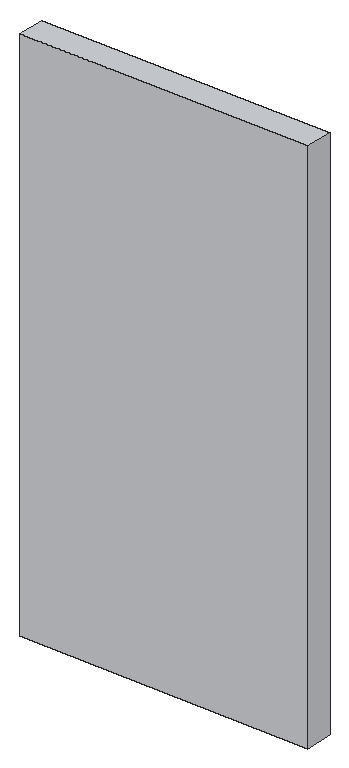
Revit family "Lighting_Fixture-Wall-Astro-Sparta", category Lighting Fixtures, host Face, Revit 2014
Parameters (values of type "7162 Sparta 600")
  Width = 600.00 mm
  Weight = "1.13 kg"
  Wattage Comments = "7.2W"
  Wattage = 9.2903 W
  built-in parameter 1150110 = 1 (stored number, unit not read)
  Voltage = 230 V
  URL = "www.astrolighting.co.uk"
  Type Comments = "- Includes integral LED driver\r\n-Can be mounted horizontally or vertically"
  built-in parameter 1114217 = 1 (stored number, unit not read)
  Tilt Angle = 90.00°  # constant formula
  built-in parameter 1150109 = 1 (stored number, unit not read)
  built-in parameter 1150134 = (empty or 0)
  built-in parameter 1150113 = 1 (stored number, unit not read)
  Suitable for bathroom zone = "Zones 2, 3"
  Product Documentation = "http://www.astrolighting.co.uk/products\r\n/kw/sparta-600/7162_Sparta-600"
  Photometric Web File = "7162 SPARTA 600.ies"
  Number of Poles = 1
  Mountable on normally flammable surfaces = "Yes"
  Model = "7162 Sparta 600\r\nDescription:"
  Manufacturer = "Astro Lighting Ltd, CM20 2DP"
  Lumens = 1380 lm
  Luminaire Lamp Efficiency Rating = "-"
  built-in parameter 1150115 = 1 (stored number, unit not read)
  built-in parameter 1150105 = 109.82 (stored number, unit not read)
  Light Source From Wall = 60.00 mm
  Light Source Elevation = 1600.00 mm
  built-in parameter 1150137 = (empty or 0)
  built-in parameter 1150139 = (empty or 0)
  Length = 80.00 mm
  built-in parameter 1150112 = 1 (stored number, unit not read)
  built-in parameter 1150114 = 1 (stored number, unit not read)
  Lamp included = "Yes"
  Lamp = "LED"
  built-in parameter 1150132 = 2
  built-in parameter 1150102 = (empty or 0)
  built-in parameter 1150138 = (empty or 0)
  built-in parameter 1150107 = 3000 (stored number, unit not read)
  built-in parameter 1150106 = 1.0982 (stored number, unit not read)
  IP Rating = "IP44"
  Height = 33.00 mm
  Energy Efficiency Rating = "N/A"
  Emit from Rectangle Width = Width - 8.00 mm  # 592.00 mm
  Emit from Rectangle Length = Height - 4.00 mm  # 29.00 mm
  Emit Shape Visible in Rendering = no
  built-in parameter 1150104 = 13.8 (stored number, unit not read)
  Dimming Lamp Color Temperature Shift = <None>
  Dimmable = "No"
  Description = "Mirror Light"
  Default Elevation [instance] = 1700.00 mm
  Color Filter = 16777215
  Class = 2
  Casing Material = Astro - Aluminium - Chrome Finish
  Cable Entry Placer (from right) = 500.00 mm
  built-in parameter 1114218 = 1 (stored number, unit not read)
  built-in parameter 1150133 = 10 (stored number, unit not read)
  Manufacturer Contact = "01279 427001"
  Assembly Code = "D5020200"
  Apparent Load = 7.77 VA
Types (2, lengths in mm): name | Width | Weight | Wattage Comments | Product Documentation | Photometric Web File | Model | Height | Emit from Rectangle Width | Emit from Rectangle Length | Cable Entry Placer (from right) | Apparent Load
  7162 Sparta 600 | 600.00 | "1.13 kg" | "7.2W" | "http://www.astrolighting.co.uk/products\r\n/kw/sparta-600/7162_Sparta-600" | "7162 SPARTA 600.ies" | "7162 Sparta 600\r\nDescription:" | 33.00 | 592.00 | 29.00 | 500.00 | 7.77 VA
  7163 Sparta 900 | 900.00 | "1.57 kg" | "10.8W" | "http://www.astrolighting.co.uk/products\r\n/kw/7163/7163_Sparta-900" | "7163 SPARTA 900.ies" | "7163 Sparta 900\r\nDescription:" | 32.60 | 892.00 | 28.60 | 400.00 | 10.84 VA
Reference planes
  plane 1: y = -75
  plane 2 "Light Source Axis (L/R)": x = 125
  plane 3 "Light Source Axis (F/R)": y = 60
  plane 4 "Light Source Elevation": z = 1600
  plane 5: y = -150
  plane 6 "Center (Elevation)": z = 1600
  plane 7: z = 0
  plane 8 "Top": z = 1616.5
  plane 9 "Bottom": z = 1583.5
  plane 10 "Left": x = 425
  plane 11 "Right": x = -175
  plane 12 "Front": y = 80
  plane 13: y = 0
  plane 14: y = 30
  plane 15: x = -173
  plane 16: x = 423.25
Forms (mm)
  Extrusion 1, solid
    sketch origin (140, -150, 1500) x (0, 0, 1) y (1, 0, 0)
      loop
        line (-1500, -800) -> (1500, -800) -> (1500, 800) -> (-1500, 800) -> (-1500, -800)
    from 0 to 150
  Extrusion 2, solid, material "Astro - Aluminium - Chrome Finish" <- "Casing Material"
    sketch origin (125, 0, 0) x (0, 1, 0) y (0, 0, 1)
      loop
        line (80, 1616.5) -> (0, 1616.5) -> (0, 1583.5) -> (80, 1583.5) -> (80, 1616.5)
    from -300 to -298
  Extrusion 3, solid, material "Astro - Aluminium - Chrome Finish" <- "Casing Material"
    sketch origin (648, 0, 0) x (0, 1, 0) y (0, 0, 1)
      loop
        line (80, 1616.5) -> (0, 1616.5) -> (0, 1583.5) -> (80, 1583.5) -> (80, 1616.5)
    from -224.75 to -223
  Extrusion 4, solid, material "Astro - Aluminium - Chrome Finish" <- "Casing Material"
    sketch origin (125, 0, 0) x (0, 1, 0) y (0, 0, 1)
      loop
        line (30, 1616.5) -> (0, 1616.5) -> (0, 1583.5) -> (30, 1583.5) -> (30, 1616.5)
    from -300 to 300
  Extrusion 5, void
    sketch origin (0, 80, 0) x (-1, 0, 0) y (0, 0, 1)
      loop
        circle (-325, 1600) r 7
    from -80 to -62.444
  Extrusion 6, solid, material "Default", not visible
    sketch origin (0, 80, 0) x (-1, 0, 0) y (0, 0, 1)
      loop
        circle (-325, 1600) r 7
    from -80 to -68.03
  Extrusion 7, solid, material "Astro - Polycarbonate - White"
    sketch origin (125, 0, 0) x (0, 1, 0) y (0, 0, 1)
      loop
        line (30, 1616.5) -> (30, 1614.5) -> (78, 1614.5) -> (78, 1585.5) -> (30, 1585.5) -> (30, 1583.5) -> (80, 1583.5) -> (80, 1616.5) -> (30, 1616.5)
    from -298 to 298.25
Cuts and joins
  Extrusion 5 cuts Extrusion 4
  joined: Extrusion 2, Extrusion 3, Extrusion 4
Text (mm)
  text "Placement side" at (-1787.139, 1116.779, 0), in view "Ref. Level"
  text "Placement side" at (0, 2110.396, 2986.058), in view "Left"
  text "Placement side" at (0, 628.478, 3011.967), in view "Right"
Dimensions and locks
  equal spacing: plane 9 "Bottom", plane 6 "Center (Elevation)", plane 8 "Top"
  "Height": plane 9 "Bottom" to plane 8 "Top"
  equal spacing: plane 11 "Right", plane 2 "Light Source Axis (L/R)", plane 10 "Left"
  "Width": plane 11 "Right" to plane 10 "Left"
  locked: plane 1 to plane 13 at 75
  "Length": plane 12 "Front" to plane 13
  "Light Source From Wall": plane 3 "Light Source Axis (F/R)" to plane 13
  "Light Source Elevation": plane 7 to plane 4 "Light Source Elevation"
  locked: plane 12 "Front" to plane 14 at 50
  locked: plane 11 "Right" to plane 15 at 2
  locked: plane 16 to plane 10 "Left" at 1.75
  locked: Extrusion 7 sketch curve to plane 8 "Top" at 2
  locked: Extrusion 7 sketch curve to plane 9 "Bottom" at 2
  locked: plane 12 "Front" to Extrusion 7 sketch curve at 2
  "Cable Entry Placer (from right)": plane 11 "Right" to Extrusion 6 sketch curve
  "Cable Entry Placer (from right)": plane 11 "Right" to Extrusion 5 sketch curve
  aligned and locked: plane 2 "Light Source Axis (L/R)" to imposter light
  aligned and locked: plane 8 "Top" to Extrusion 2 sketch curve
  aligned and locked: plane 12 "Front" to Extrusion 2 sketch curve
  aligned and locked: Extrusion 2 sketch curve to plane 9 "Bottom"
  aligned and locked: Extrusion 2 sketch curve to plane 13
  aligned and locked: plane 11 "Right" to Extrusion 2
  aligned and locked: plane 15 to Extrusion 2
  aligned and locked: Extrusion 3 to plane 10 "Left"
  aligned and locked: Extrusion 3 to plane 16
  aligned and locked: plane 8 "Top" to Extrusion 3 sketch curve
  aligned and locked: Extrusion 3 sketch curve to plane 13
  aligned and locked: Extrusion 3 sketch curve to plane 9 "Bottom"
  aligned and locked: plane 12 "Front" to Extrusion 3 sketch curve
  aligned and locked: plane 8 "Top" to Extrusion 4 sketch curve
  aligned and locked: plane 14 to Extrusion 4 sketch curve
  aligned and locked: Extrusion 4 sketch curve to Extrusion 2  (x2)
  aligned and locked: plane 11 "Right" to Extrusion 4
  aligned and locked: Extrusion 4 to plane 10 "Left"
  aligned and locked: plane 6 "Center (Elevation)" to Extrusion 5 sketch curve
  aligned and locked: plane 6 "Center (Elevation)" to Extrusion 6 sketch curve
  aligned and locked: Extrusion 6 to plane 13
  aligned and locked: Extrusion 5 to plane 13
  aligned and locked: Extrusion 7 sketch curve to plane 14  (x2)
  aligned and locked: plane 8 "Top" to Extrusion 7 sketch curve
  aligned and locked: plane 12 "Front" to Extrusion 7 sketch curve
  aligned and locked: Extrusion 7 sketch curve to plane 9 "Bottom"
  aligned and locked: Extrusion 7 to plane 15
  aligned and locked: plane 16 to Extrusion 7
  aligned and locked: plane 3 "Light Source Axis (F/R)" to imposter light
  aligned and locked: imposter light to plane 6 "Center (Elevation)"
Automatic sketch dimensions
  Extrusion 1 sketch curve to Extrusion 1 sketch curve = 3000.00 mm
  Extrusion 1 sketch curve to Extrusion 1 sketch curve = 1600.00 mm
  radius of Extrusion 5 sketch curve = 7.00 mm
  radius of Extrusion 6 sketch curve = 7.00 mm
Connectors
  electrical at (325, 0, 1600), driven by "Number of Poles", driven by "Voltage", driven by "Apparent Load"
    settings: on cut or joined group of Extrusion 2, Extrusion 3, Extrusion 4, Extrusion 5, index 1, voltage 230 V, apparent load 0 VA, apparent load phase1 7.77 VA, apparent load phase2 0 VA, apparent load phase3 0 VA, power factor 1, load classification "Other", number of poles 1, system type 31, power factor state 1, is connector primary yes, connector utility no, sub classification motor no, connector description ""
